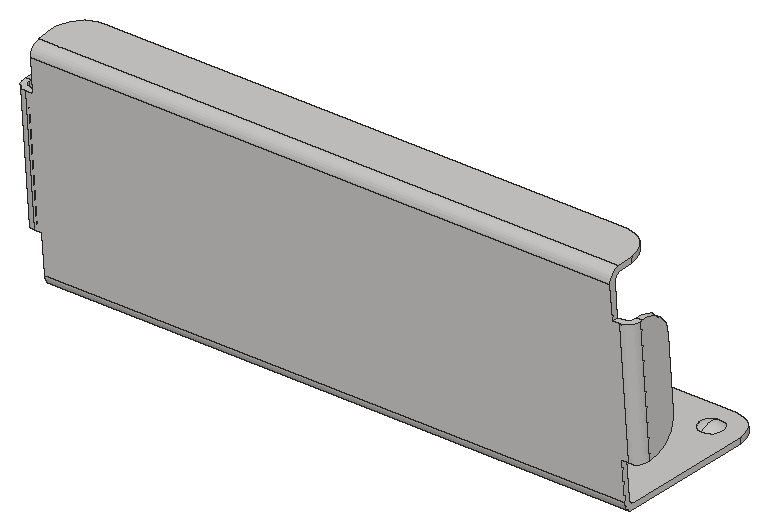
Revit family "PRD_FrankeWS_BthrmShlvs_HEAVYDUTYStorageShelf_HDTX644", category Specialty Equipment, host Face, Revit 2018
Family settings
  Host = Face
  Round Connector Dimension = Use Diameter
  Part Type = Normal
  OmniClass Number = 23.40.20.27.11
  OmniClass Title = Shelves
  Cut with Voids When Loaded = No
  Shared = No
  Room Calculation Point = No
Parameters (values of type "HDTX644")
  WarrantyStartDate [instance] = "1900-12-31T23:59:59"
  WarrantyGuarantorParts = "n/a"
  WarrantyGuarantorLabor = "n/a"
  WarrantyDurationUnit = "year"
  WarrantyDurationParts = "n/a"
  WarrantyDurationLabor = "n/a"
  WarrantyDescription = "n/a"
  Version = "1"
  Uniclass2015Version = "Products v1.17"
  Uniclass2015Title = "Bathroom shelves"
  Uniclass2015Code = "Pr_40_30_78_06"
  URL = "www.kwc.com"
  TypeOfMounting = "Wall mounting"
  TypeOfFixing = "Screw"
  TagNumber [instance] = "n/a"
  SustainabilityPerformance = "n/a"
  Style = "Shelf"
  Size = "213 x 60 x 80 mm"
  ShelfMaterial = PRD_AR_StainlessSteel_SatinFinished
  Shape = "n/a"
  SerialNumber [instance] = "n/a"
  Revision = "n/a"
  ReplacementCost = "n/a"
  ProductInformation = "https://pim.kwc.com/product/2000103076/attachment/datasheet?locale=en"
  NominalWidth = 213.00 mm
  NominalHeight = 60.00 mm
  NominalDepth = 80.00 mm
  NetWeight = 0.63 kg
  Name = "Storage shelf HDTX644"
  NBSTypeID = "n/a"
  NBSReference = "45-35-72/354"
  NBSOfficeMasterTag = "n/a"
  NBSNote = "n/a"
  NBSDescription = "Shelves"
  NBSCertification = "n/a"
  ModelReference = "HDTX644"
  ModelNumber = "2000103076"
  Model = ModelReference  # "HDTX644"
  MaterialThickness = "2.00 mm"
  MaterialCode = "1.4301"
  Material = "stainless steel"
  ManufacturerURL = "www.kwc.com"
  ManufacturerName = "KWC Group AG"  # constant formula
  Manufacturer = ManufacturerName  # "KWC Group AG"
  MainColor = "stainless steel"
  IsBuiltIn = "TRUE"
  IntegralAccessories = "incl. stainless steel crosshead screws and dowels"
  InstallationDate [instance] = "1900-12-31T23:59:59"
  IfcExportType = "USERDEFINED"
  IfcExportAs = "IfcFurnitureType"
  GrossWeight = 1.15 kg
  Grade = "n/a"
  Finish = "satin finished"
  Features = "Stainless steel, surface satin finished"
  ExpectedLife = "n/a"
  DurationUnit = "year"
  Description = "Shelf for wall mounting, stainless steel, surface satin finished, material thickness 2 mm, rounded edges, protection edge at front. Inclusive stainless steel crosshead screws and dowels."
  Default Elevation = 1600.00 mm
  CreateOn = "05/2020"  # constant formula
  Constituents = "n/a"
  Color = "n/a"
  CodePerformance = "n/a"
  Category = "Pr_40_30_78_06, Bathroom shelves"
  BarCode [instance] = "n/a"
  BIMObjectName = "PRD_AR_BathroomShelves_HEAVYDUTYStorageShelf_HDTX644"
  Author = "Archispace"  # constant formula
  AssetType = "Fixed"
  AssetIdentifier [instance] = "n/a"
  AccessibilityPerformance = "n/a"
Reference planes
  plane 1 "Center (Front/Back)": y = 0
  plane 2: z = 0
  plane 3 "Center (Left/Right)": x = 0
Forms (mm)
  Extrusion 1, solid, material "PRD_AR_StainlessSteel_SatinFinished" <- "ShelfMaterial", detail levels fine
    sketch origin (0, 0, 0) x (0, 1, 0) y (0, 0, 1)
      loop
        line (30, 0) -> (30, 2) -> (-25.985, 2)
        arc (-25.985, 2) -> (-27.336, 2.525) -> (-27.977, 3.826) r 2
        line (-27.977, 3.826) -> (-34.107, 73.893)
        arc (-34.107, 73.893) -> (-33.647, 75.353) -> (-32.289, 76.059) r 2
        line (-32.289, 76.059) -> (-16.699, 77.423) -> (-16.873, 79.416) -> (-32.463, 78.052)
        arc (-32.463, 78.052) -> (-35.179, 76.638) -> (-36.1, 73.718) r 4
        line (-36.1, 73.718) -> (-29.969, 3.651)
        arc (-29.969, 3.651) -> (-28.687, 1.051) -> (-25.985, 0) r 4
        line (-25.985, 0) -> (30, 0)
    from -100 to 100
  Extrusion 2, void
    sketch origin (0, 0, 0) x (1, 0, 0) y (0, 1, 0)
      loop
        line (-100, 30) -> (-100, 20)
        arc (-100, 20) -> (-97.071, 27.071) -> (-90, 30) r 10
        line (-90, 30) -> (-100, 30)
      loop
        line (100, 30) -> (90, 30)
        arc (90, 30) -> (97.071, 27.071) -> (100, 20) r 10
        line (100, 20) -> (100, 30)
    from -15 to 15
  Extrusion 3, void
    sketch origin (0, -32.463, 78.052) x (0, 0.996195, 0.087156) y (-1, 0, 0)
      loop
        line (15.65, 100) -> (5.65, 100)
        arc (5.65, 100) -> (12.721, 97.071) -> (15.65, 90) r 10
        line (15.65, 90) -> (15.65, 100)
      loop
        line (15.65, -100) -> (15.65, -90)
        arc (15.65, -90) -> (12.721, -97.071) -> (5.65, -100) r 10
        line (5.65, -100) -> (15.65, -100)
    from -15 to 15
  Sweep 4, solid, material "PRD_AR_StainlessSteel_SatinFinished" <- "ShelfMaterial", detail levels fine
    path origin (0, 0, 0) x (0, 1, 0) y (0, 0, 1)
      loop
        line (-35.097, 62.262) -> (-31.175, 17.433)
    profile origin (0, -33.136, 39.848) x (0, 0.996195, 0.087156) y (1, 0, 0)
      loop
        line (0, -100) -> (0, -102.5)
        arc (0, -102.5) -> (1.172, -105.328) -> (4, -106.5) r 4
        line (4, -106.5) -> (15, -106.5) -> (15, -104.5) -> (4, -104.5)
        arc (4, -104.5) -> (2.586, -103.914) -> (2, -102.5) r 2
        line (2, -102.5) -> (2, -100) -> (0, -100)
      loop
        line (0, 100) -> (2, 100) -> (2, 102.5)
        arc (2, 102.5) -> (2.586, 103.914) -> (4, 104.5) r 2
        line (4, 104.5) -> (15, 104.5) -> (15, 106.5) -> (4, 106.5)
        arc (4, 106.5) -> (1.172, 105.328) -> (0, 102.5) r 4
        line (0, 102.5) -> (0, 100)
  Extrusion 5, void
    sketch origin (0, 0, 0) x (0, 1, 0) y (0, 0, 1)
      loop
        line (-20.154, 63.57) -> (-30.116, 62.698)
        arc (-30.116, 62.698) -> (-22.817, 60.396) -> (-19.283, 53.608) r 10
        line (-19.283, 53.608) -> (-20.154, 63.57)
      loop
        line (-16.232, 18.741) -> (-17.104, 28.703)
        arc (-17.104, 28.703) -> (-19.405, 21.403) -> (-26.194, 17.869) r 10
        line (-26.194, 17.869) -> (-16.232, 18.741)
    from -113.252 to 112.008
  Revolve 6, solid, material "PRD_AR_StainlessSteel_SatinFinished" <- "ShelfMaterial", detail levels fine
    sketch origin (-90, 25, 0) x (0, 1, 0) y (0, 0, 1)
      loop
        line (-5, 2) -> (-5, 3.5)
        arc (-5, 3.5) -> (-7.136, 3.113) -> (-9, 2) r 6.083
        line (-9, 2) -> (-5, 2)
      axis (-5, 3.5) -> (-5, 2)
    angle from 0 to 360
  Extrusion 7, solid, material "PRD_AR_StainlessSteel_SatinFinished" <- "ShelfMaterial", detail levels medium
    sketch origin (0, 0, 0) x (0, 1, 0) y (0, 0, 1)
      loop
        line (30, 0) -> (30, 2) -> (-27.817, 2) -> (-34.281, 75.885) -> (-16.699, 77.423) -> (-16.873, 79.416) -> (-36.448, 77.703) -> (-29.65, 0) -> (30, 0)
    from -100 to 100
  Sweep 8, solid, material "PRD_AR_StainlessSteel_SatinFinished" <- "ShelfMaterial", detail levels medium
    path origin (0, 0, 0) x (0, 1, 0) y (0, 0, 1)
      loop
        line (-35.097, 62.262) -> (-31.175, 17.433)
    profile origin (0, -33.136, 39.848) x (0, 0.996195, 0.087156) y (1, 0, 0)
      loop
        line (0, -100) -> (0, -106.5) -> (15, -106.5) -> (15, -104.5) -> (2, -104.5) -> (2, -100) -> (0, -100)
      loop
        line (0, 100) -> (2, 100) -> (2, 104.5) -> (15, 104.5) -> (15, 106.5) -> (0, 106.5) -> (0, 100)
  Extrusion 9, solid, material "PRD_AR_StainlessSteel_SatinFinished" <- "ShelfMaterial", detail levels coarse
    sketch origin (0, 0, 0) x (0, 1, 0) y (0, 0, 1)
      loop
        line (30, 0) -> (30, 83.517) -> (-36.448, 77.703) -> (-29.65, 0) -> (30, 0)
    from -106.5 to 106.5
  Revolve 10, solid, material "PRD_AR_StainlessSteel_SatinFinished" <- "ShelfMaterial", detail levels fine
    sketch origin (90, 25, 0) x (0, 1, 0) y (0, 0, 1)
      loop
        line (-5, 2) -> (-5, 3.5)
        arc (-5, 3.5) -> (-7.136, 3.113) -> (-9, 2) r 6.083
        line (-9, 2) -> (-5, 2)
      axis (-5, 3.5) -> (-5, 2)
    angle from 0 to 360
  Revolve 11, solid, material "PRD_AR_StainlessSteel_SatinFinished" <- "ShelfMaterial", detail levels fine
    sketch origin (0, 0, 0) x (0, 1, 0) y (0, 0, 1)
      loop
        line (-5, 2) -> (-5, 3.5)
        arc (-5, 3.5) -> (-7.136, 3.113) -> (-9, 2) r 6.083
        line (-9, 2) -> (-5, 2)
      axis (-5, 3.5) -> (-5, 2)
    angle from 0 to 360
Cuts and joins
  Extrusion 2, Extrusion 3, Extrusion 5 cuts Extrusion 1
  Extrusion 5 cuts Sweep 4
  joined: Extrusion 1, Sweep 4
  joined: Extrusion 7, Sweep 8
Dimensions and locks
  aligned and locked: plane 2 to host face
  aligned and locked: level to host face
